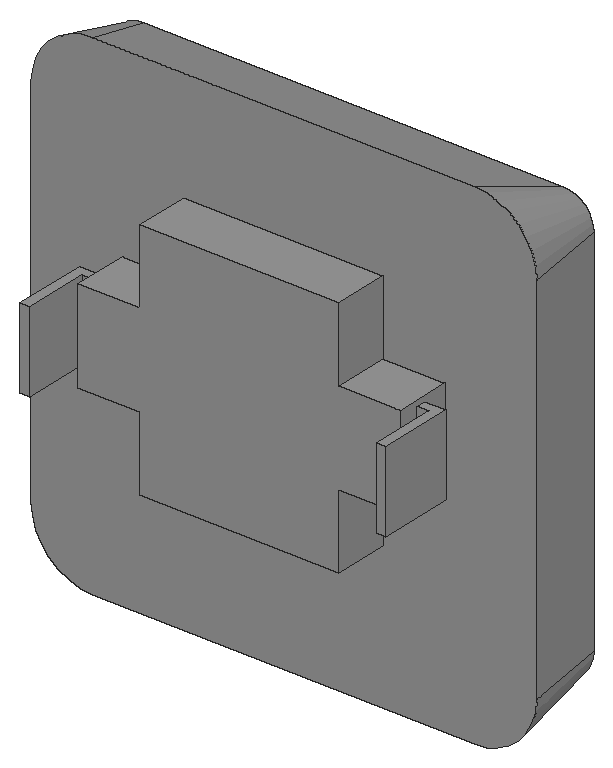
Revit family "IEK_Выключатель_Встраиваемый_10А трехклавишный IP20_ВЕГА", category Выключатели, Revit 2019
Family settings
  Сохранять ориентацию аннотаций = Да
  Размер круглого соединителя = Использовать диаметр
  Тип детали = Нормальный
  На основе рабочей плоскости = Нет
  Всегда вертикально = Да
  При загрузке вырезать с полостями = Нет
  Общий = Нет
  Точка расчета площади = Нет
Parameters (values of type "ВС10-3-0-ВБ")
  Ширина = 81.5 mm  # constant formula
  Тип монтажа = "Скрытый монтаж (в штукатурку)"  # constant formula
  Степень защиты = "IP20"  # constant formula
  Изготовитель = "IEK"  # constant formula
  Дата изменения = ""
  Глубина = 36.3 mm  # constant formula
  Высота = 81 mm  # constant formula
  ΔХ [instance] = 2000 mm
  ΔY [instance] = 2000 mm
  KSI_CPr_Строительные изделия = "20.4.01"  # constant formula
  KSI_CMa_Строительные материалы = "01.7.14.03"  # constant formula
  IEK_Цена за единицу = 141.22
  IEK_Поиск в таблице имен = ""
  IEK_Описание = "Серия «ВЕГА» включает в себя розетки и выключатели для скрытого монтажа, которые хорошо впишутся в любой интерьер квартир, загородных домов, офисных и производственных помещений."
  IEK_URL = "https://www.iek.ru/products/catalog/izdeliya_elektroustanovochnye_udliniteli_i_silovye_razemy/elektroustanovochnye_izdeliya/elektroustanovochnye_izdeliya_skrytogo_montazha/elektroustanovochnye_izdeliya_vega/vyklyuchatel_3_klavishnyy_vs10_3_0_vb_10a_vega_belyy_iek"
  ADSK_Ток [instance] = 10 A  # constant formula
  ADSK_Примечание = ""
  ADSK_Полная мощность [instance] = ADSK_Номинальная мощность / ADSK_Коэффициент мощности  # 2200 VA
  ADSK_Позиция [instance] = ""
  ADSK_Номинальная мощность [instance] = ADSK_Ток * ADSK_Напряжение * sqrt(ADSK_Количество фаз числовое) * ADSK_Коэффициент мощности  # 2200 W
  ADSK_Напряжение = 220 V
  ADSK_Наименование = "Выключатель 3-клавишный ВС10-3-0-ВБ 10А ВЕГА белый IEK"
  ADSK_Материал обозначение = ""
  ADSK_Материал наименование = "Пластик"  # constant formula
  ADSK_Материал = Цвет белый
  ADSK_Масса = 0.056
  ADSK_Марка = "ВЕГА"  # constant formula
  ADSK_Коэффициент мощности [instance] = 1  # constant formula
  ADSK_Количество фаз числовое = 1
  ADSK_Количество фаз = 1
  ADSK_Код изделия = "EVV30-K01-10-DM"
  ADSK_Классификация нагрузок [instance] = Прочее
  ADSK_Завод-изготовитель = "IEK"  # constant formula
  ADSK_Единица измерения = "шт"  # constant formula
  ADSK_Группирование = "III ЭЛЕКТРОУСТАНОВОЧНЫЕ И ЭЛЕКТРОМОНТАЖНЫЕ ИЗДЕЛИЯ"  # constant formula
  ADSK_Версия семейства = "1.0"  # constant formula
  ADSK_Версия Revit = "2019"  # constant formula
  ADSK_URL страницы изделия = "https://www.iek.ru/products/catalog/izdeliya_elektroustanovochnye_udliniteli_i_silovye_razemy/elektroustanovochnye_izdeliya/elektroustanovochnye_izdeliya_skrytogo_montazha/elektroustanovochnye_izdeliya_vega/?pagec=10"
Reference planes
  plane 1 "По центру (Вперед/Назад)": y = 0
  plane 2: z = 0
  plane 3 "По центру (Влево/Вправо)": x = 0
  plane 4 "Высота ножек": z = 280
  plane 5 "Высота": z = 2081.496
  plane 6: x = -2000
  plane 7: y = 2000
Forms (mm)
  Extrusion 1, solid, detail levels coarse
    sketch origin (0, 0, 0) x (1, 0, 0) y (0, 1, 0)
      loop
        line (-40.75, -16.3) -> (40.75, -16.3) -> (40.75, 20) -> (-40.75, 20) -> (-40.75, -16.3)
    from 0 to 81
  Extrusion 2, solid, detail levels medium
    sketch origin (0, 0, 0) x (1, 0, 0) y (0, 1, 0)
      loop
        line (-40.75, 20) -> (-40.75, -16.3) -> (40.75, -16.3) -> (40.75, 20) -> (-40.75, 20)
    from 0 to 81
  Extrusion 3, void
    sketch origin (0, 0, 40.25) x (1, 0, 0) y (0, 0, -1)
      loop
        line (-29, -25) -> (29, -25) -> (29, 25) -> (-29, 25) -> (-29, -25)
    from 1 to 14.038
  Extrusion 4, solid, material "Цвет белый" <- "ADSK_Материал", detail levels fine
    sketch origin (0, 0, 40.25) x (1, 0, 0) y (0, 0, -1)
      loop
        line (16, -22.25) -> (16, -10.25) -> (26, -10.25) -> (26, 4.75) -> (16, 4.75) -> (16, 16.75) -> (-16, 16.75) -> (-16, 4.75) -> (-26, 4.75) -> (-26, -10.25) -> (-16, -10.25) -> (-16, -22.25) -> (16, -22.25)
    from -8.954 to 0
  Extrusion 5, solid, material "Цвет белый" <- "ADSK_Материал", detail levels fine
    sketch origin (0, 0, 39.887) x (0, 0, 1) y (0, 1, 0)
      loop
        line (-24.209, 5) -> (24.863, 5) -> (24.863, 12.066)
        arc (24.863, 12.066) -> (3.045, 18.975) -> (-19.835, 19.47) r 80.547
        arc (-19.835, 19.47) -> (-22.524, 15.523) -> (-24.209, 11.055) r 20.163
        line (-24.209, 11.055) -> (-24.209, 5)
    from -28.5 to -9.533
  Blend 6, solid, material "Цвет белый" <- "ADSK_Материал", detail levels fine
    base sketch origin (0, 0, 40.25) x (1, 0, 0) y (0, 0, -1)
      loop
        arc (40.75, 30.25) -> (37.821, 37.321) -> (30.75, 40.25) r 10
        line (30.75, 40.25) -> (-30.75, 40.25)
        arc (-30.75, 40.25) -> (-37.821, 37.321) -> (-40.75, 30.25) r 10
        line (-40.75, 30.25) -> (-40.75, -30.25)
        arc (-40.75, -30.25) -> (-37.821, -37.321) -> (-30.75, -40.25) r 10
        line (-30.75, -40.25) -> (30.75, -40.25)
        arc (30.75, -40.25) -> (37.821, -37.321) -> (40.75, -30.25) r 10
        line (40.75, -30.25) -> (40.75, 30.25)
    top sketch origin (0, 0, 40.25) x (1, 0, 0) y (0, 0, -1)
      loop
        arc (-38.75, -30.25) -> (-37.286, -33.786) -> (-33.75, -35.25) r 5
        line (-33.75, -35.25) -> (33.75, -35.25)
        arc (33.75, -35.25) -> (37.286, -33.786) -> (38.75, -30.25) r 5
        line (38.75, -30.25) -> (38.75, 30.25)
        arc (38.75, 30.25) -> (37.286, 33.786) -> (33.75, 35.25) r 5
        line (33.75, 35.25) -> (-33.75, 35.25)
        arc (-33.75, 35.25) -> (-37.286, 33.786) -> (-38.75, 30.25) r 5
        line (-38.75, 30.25) -> (-38.75, -30.25)
    from 0 to 14
  Extrusion 7, solid, material "Цвет белый" <- "ADSK_Материал", detail levels fine
    sketch origin (-19.335, 0, 39.887) x (0, 0, 1) y (0, 1, 0)
      loop
        line (-24.209, 5) -> (24.863, 5) -> (24.863, 12.066)
        arc (24.863, 12.066) -> (3.045, 18.975) -> (-19.835, 19.47) r 80.547
        arc (-19.835, 19.47) -> (-22.524, 15.523) -> (-24.209, 11.055) r 20.163
        line (-24.209, 11.055) -> (-24.209, 5)
    from -28.5 to -10.17
  Extrusion 8, solid, material "Цвет белый" <- "ADSK_Материал", detail levels fine
    sketch origin (0, 0, 39.887) x (0, 0, 1) y (0, -1, 0)
      loop
        line (-24.209, -5) -> (-24.209, -11.055)
        arc (-24.209, -11.055) -> (-22.524, -15.523) -> (-19.835, -19.47) r 20.163
        arc (-19.835, -19.47) -> (3.045, -18.975) -> (24.863, -12.066) r 80.547
        line (24.863, -12.066) -> (24.863, -5) -> (-24.209, -5)
    from -28.5 to -9.533
  Extrusion 9, solid, material "Стекло", detail levels fine
    sketch origin (14, 0, 40.25) x (0, 0, 1) y (0, 1, 0)
      loop
        arc (-14.81, 20.096) -> (-15.411, 20.061) -> (-16.012, 20.022) r 80.547
        line (-16.012, 20.022) -> (-16.012, 18.482)
        arc (-16.012, 18.482) -> (-15.411, 18.521) -> (-14.81, 18.556) r 80.547
        line (-14.81, 18.556) -> (-14.81, 20.096)
    from 9 to 19
  Extrusion 10, solid, material "Стекло", detail levels fine
    sketch origin (5, 0, 40.25) x (0, 0, 1) y (0, -1, 0)
      loop
        line (-14.81, -20.096) -> (-14.81, -18.556)
        arc (-14.81, -18.556) -> (-15.411, -18.521) -> (-16.012, -18.482) r 80.547
        line (-16.012, -18.482) -> (-16.012, -20.022)
        arc (-16.012, -20.022) -> (-15.411, -20.061) -> (-14.81, -20.096) r 80.547
    from 9 to 19
  Extrusion 11, solid, material "Стекло", detail levels fine
    sketch origin (-5, 0, 40.25) x (0, 0, 1) y (0, 1, 0)
      loop
        arc (-14.81, 20.096) -> (-15.411, 20.061) -> (-16.012, 20.022) r 80.547
        line (-16.012, 20.022) -> (-16.012, 18.482)
        arc (-16.012, 18.482) -> (-15.411, 18.521) -> (-14.81, 18.556) r 80.547
        line (-14.81, 18.556) -> (-14.81, 20.096)
    from 9 to 19
  Extrusion 12, solid, material "Цвет белый" <- "ADSK_Материал", detail levels fine
    sketch origin (0, -484.452, 42.527) x (1, 0, 0) y (0, 1, 0)
      loop
        line (26, 480.152) -> (26, 478.652) -> (27.993, 478.652) -> (27.993, 468.152) -> (29.498, 468.152) -> (29.498, 480.152) -> (26, 480.152)
      loop
        line (-26, 480.152) -> (-29.498, 480.152) -> (-29.498, 468.152) -> (-27.993, 468.152) -> (-27.993, 478.652) -> (-26, 478.652) -> (-26, 480.152)
    from -5.817 to 7.183
Cuts and joins
  Extrusion 3 cuts Blend 6
Lines and regions (mm)
  reference lines
    curve 1: line (0, 44.647, 0) -> (0, -55.353, 0)
    curve 2: line (-23.829, 0, 0) -> (76.171, 0, 0)
Dimensions and locks
  locked: plane 4 "Высота ножек" to plane 2 at 280
  plane 5 "Высота" to plane 4 "Высота ножек" = 1801.496 mm
  "ΔХ": plane 6 to curve 1
  "ΔY": plane 7 to curve 2
  aligned and locked: level to plane 2
  aligned and locked: curve 2 to nested 1
  aligned and locked: nested 1 to curve 1
Automatic sketch dimensions
  Extrusion 1 sketch curve to plane 1 "По центру (Вперед/Назад)" = 20 mm
  Extrusion 1 sketch curve to plane 3 "По центру (Влево/Вправо)" = 40.75 mm
  plane 3 "По центру (Влево/Вправо)" to Extrusion 1 sketch curve = 40.75 mm
  plane 1 "По центру (Вперед/Назад)" to Extrusion 1 sketch curve = 16.3 mm
  Extrusion 2 sketch curve to plane 3 "По центру (Влево/Вправо)" = 40.75 mm
  plane 3 "По центру (Влево/Вправо)" to Extrusion 2 sketch curve = 40.75 mm
  plane 1 "По центру (Вперед/Назад)" to Extrusion 2 sketch curve = 16.3 mm
  Extrusion 2 sketch curve to plane 1 "По центру (Вперед/Назад)" = 20 mm
  Extrusion 3 sketch curve to plane 3 "По центру (Влево/Вправо)" = 29 mm
  plane 3 "По центру (Влево/Вправо)" to Extrusion 3 sketch curve = 29 mm
  level to Extrusion 3 sketch curve = 65.25 mm
  level to Extrusion 3 sketch curve = 15.25 mm
  Extrusion 4 sketch curve to plane 3 "По центру (Влево/Вправо)" = 26 mm
  Extrusion 4 sketch curve to Extrusion 4 sketch curve = 10 mm  (x3)
  plane 3 "По центру (Влево/Вправо)" to Extrusion 4 sketch curve = 16 mm
  Extrusion 4 sketch curve to Extrusion 4 sketch curve = 0 mm
  level to Extrusion 4 sketch curve = 62.5 mm
  Extrusion 4 sketch curve to Extrusion 4 sketch curve = 12 mm  (x3)
  Extrusion 4 sketch curve to Extrusion 4 sketch curve = 15 mm  (x2)
  level to Extrusion 5 sketch curve = 15.678 mm
  level to Extrusion 5 sketch curve = 29.77 mm
  Extrusion 5 sketch curve to plane 1 "По центру (Вперед/Назад)" = 6.224 mm
  Extrusion 5 sketch curve to Extrusion 5 sketch curve = 19.576 mm
  Extrusion 5 sketch curve to plane 1 "По центру (Вперед/Назад)" = 5 mm
  Extrusion 5 sketch curve to Extrusion 5 sketch curve = 29.496 mm
  plane 1 "По центру (Вперед/Назад)" to Extrusion 5 sketch curve = 60.489 mm
  Extrusion 5 sketch curve to Extrusion 5 sketch curve = 6.055 mm
  Extrusion 5 sketch curve to Extrusion 5 sketch curve = 7.066 mm
  Blend 6 sketch curve to level = 0 mm
  level to Blend 6 sketch curve = 10 mm
  Blend 6 sketch curve to plane 3 "По центру (Влево/Вправо)" = 40.75 mm
  Blend 6 sketch curve to Blend 6 sketch curve = 10 mm  (x2)
  plane 3 "По центру (Влево/Вправо)" to Blend 6 sketch curve = 30.75 mm  (x2)
  Blend 6 sketch curve to Blend 6 sketch curve = 60.5 mm  (x2)
  Blend 6 sketch curve to plane 3 "По центру (Влево/Вправо)" = 38.75 mm
  Blend 6 sketch curve to Blend 6 sketch curve = 5 mm  (x3)
  level to Blend 6 sketch curve = 5 mm
  plane 3 "По центру (Влево/Вправо)" to Blend 6 sketch curve = 33.75 mm  (x2)
  level to Extrusion 7 sketch curve = 15.678 mm
  level to Extrusion 7 sketch curve = 29.77 mm
  Extrusion 7 sketch curve to plane 1 "По центру (Вперед/Назад)" = 6.224 mm
  Extrusion 7 sketch curve to Extrusion 7 sketch curve = 19.576 mm
  Extrusion 7 sketch curve to plane 1 "По центру (Вперед/Назад)" = 5 mm
  Extrusion 7 sketch curve to Extrusion 7 sketch curve = 29.496 mm
  plane 1 "По центру (Вперед/Назад)" to Extrusion 7 sketch curve = 60.489 mm
  Extrusion 7 sketch curve to Extrusion 7 sketch curve = 6.055 mm
  Extrusion 7 sketch curve to Extrusion 7 sketch curve = 7.066 mm
  level to Extrusion 8 sketch curve = 15.678 mm
  level to Extrusion 8 sketch curve = 29.77 mm
  Extrusion 8 sketch curve to plane 1 "По центру (Вперед/Назад)" = 6.224 mm
  Extrusion 8 sketch curve to Extrusion 8 sketch curve = 19.576 mm
  Extrusion 8 sketch curve to plane 1 "По центру (Вперед/Назад)" = 5 mm
  Extrusion 8 sketch curve to Extrusion 8 sketch curve = 29.496 mm
  Extrusion 8 sketch curve to Extrusion 8 sketch curve = 6.055 mm
  Extrusion 8 sketch curve to Extrusion 8 sketch curve = 7.066 mm
  plane 1 "По центру (Вперед/Назад)" to Extrusion 8 sketch curve = 60.489 mm
  level to Extrusion 9 sketch curve = 24.238 mm
  Extrusion 9 sketch curve to Extrusion 9 sketch curve = 1.202 mm
  level to Extrusion 9 sketch curve = 29.77 mm
  Extrusion 9 sketch curve to Extrusion 9 sketch curve = 0.066 mm
  plane 1 "По центру (Вперед/Назад)" to Extrusion 9 sketch curve = 61.875 mm
  Extrusion 9 sketch curve to Extrusion 9 sketch curve = 1.544 mm
  Extrusion 9 sketch curve to plane 1 "По центру (Вперед/Назад)" = 18.482 mm
  Extrusion 9 sketch curve to Extrusion 9 sketch curve = 1.539 mm
  level to Extrusion 10 sketch curve = 24.238 mm
  Extrusion 10 sketch curve to Extrusion 10 sketch curve = 1.202 mm
  level to Extrusion 10 sketch curve = 29.77 mm
  Extrusion 10 sketch curve to Extrusion 10 sketch curve = 0.066 mm
  Extrusion 10 sketch curve to plane 1 "По центру (Вперед/Назад)" = 20.096 mm
  Extrusion 10 sketch curve to Extrusion 10 sketch curve = 0.075 mm
  Extrusion 10 sketch curve to Extrusion 10 sketch curve = 1.54 mm
  Extrusion 10 sketch curve to Extrusion 10 sketch curve = 0.074 mm
  level to Extrusion 11 sketch curve = 24.238 mm
  Extrusion 11 sketch curve to Extrusion 11 sketch curve = 1.202 mm
  level to Extrusion 11 sketch curve = 29.77 mm
  Extrusion 11 sketch curve to Extrusion 11 sketch curve = 0.066 mm
  plane 1 "По центру (Вперед/Назад)" to Extrusion 11 sketch curve = 61.875 mm
  Extrusion 11 sketch curve to Extrusion 11 sketch curve = 1.544 mm
  Extrusion 11 sketch curve to plane 1 "По центру (Вперед/Назад)" = 18.482 mm
  Extrusion 11 sketch curve to Extrusion 11 sketch curve = 1.539 mm
  plane 1 "По центру (Вперед/Назад)" to Extrusion 12 sketch curve = 4.3 mm  (x2)
  Extrusion 12 sketch curve to plane 3 "По центру (Влево/Вправо)" = 29.498 mm
  Extrusion 12 sketch curve to Extrusion 12 sketch curve = 1.504 mm  (x2)
  Extrusion 12 sketch curve to Extrusion 12 sketch curve = 1.993 mm  (x2)
  plane 3 "По центру (Влево/Вправо)" to Extrusion 12 sketch curve = 26 mm
  Extrusion 12 sketch curve to Extrusion 12 sketch curve = 1.5 mm  (x2)
  Extrusion 12 sketch curve to Extrusion 12 sketch curve = 10.5 mm  (x2)
  curve 2 to plane 3 "По центру (Влево/Вправо)" = 23.829 mm
  plane 3 "По центру (Влево/Вправо)" to curve 2 = 76.171 mm
  plane 1 "По центру (Вперед/Назад)" to curve 1 = 55.353 mm
  curve 1 to plane 1 "По центру (Вперед/Назад)" = 44.647 mm
Nested families
  nested 1: "УГО Выключателя" at (0, 0, 0), type "3K-C", detail levels coarse+medium
    with IP44 no
Connectors
  electrical at (0, 1.85, 0), driven by "ADSK_Количество фаз", driven by "ADSK_Классификация нагрузок", driven by "ADSK_Напряжение", driven by "ADSK_Полная мощность", driven by "ADSK_Коэффициент мощности"
    settings: on Extrusion 1, index 1, voltage 220 V, apparent load 0 VA, apparent load phase1 2200 VA, apparent load phase2 0 VA, apparent load phase3 0 VA, power factor 1, load classification "Прочее", number of poles 1, system type 31, power factor state 1, is connector primary yes, connector utility no, sub classification motor no, connector description ""
Definition of nested family "УГО Выключателя"
  Parameters (values of type "3K-O")
    IP44 [instance] = no
    3K-C = no
    2K-C = no
    1K-C = no
    3K-O = yes
    2K-O = no
    1K-O = no
  Types (6, lengths in mm): name | 3K-C | 2K-C | 1K-C | 3K-O | 1K-O
    2K-O | no | no | no | yes | no
    3K-O | no | no | no | yes | no
    2K-C | no | yes | no | no | no
    1K-O | no | no | no | no | yes
    1K-C | no | no | yes | no | no
    3K-C | yes | no | no | no | no
  Reference planes
    plane 1: y = 0
    plane 2: x = 0
  Lines and regions (mm)
    Filled region 1, type "Цветовая область 1", visible <- "IP44"
      outline origin (0, 0, 0) x (1, 0, 0) y (0, 1, 0)
        loop
          circle (0.006, 0.994) r 0.994
    Filled region 2, type "Цветовая область 1", visible <- "IP44", not visible
      outline origin (0, 0, 0) x (1, 0, 0) y (0, 1, 0)
        loop
          circle (0, 2.214) r 0.994
    Filled region 3, type "Цветовая область 1", visible <- "IP44"
      outline origin (-1.562, 0, 0) x (1, 0, 0) y (0, 1, 0)
        loop
          circle (1.569, 0.994) r 0.994
    Filled region 4, type "Цветовая область 1", visible <- "1K-O"
      outline origin (0, 6.25, 0) x (1, 0, 0) y (0, 1, 0)
        loop
          circle (0.006, -5.256) r 0.994
    Filled region 5, type "Цветовая область 1", visible <- "IP44"
      outline origin (-1.562, 0, 0) x (1, 0, 0) y (0, 1, 0)
        loop
          circle (1.569, 0.994) r 0.994
    Filled region 6, type "Цветовая область 1", visible <- "IP44"
      outline origin (0, 0, 0) x (1, 0, 0) y (0, 1, 0)
        loop
          circle (0.006, 0.994) r 0.994
    Filled region 7, type "Цветовая область 1", visible <- "IP44", not visible
      outline origin (-1.562, 0, 0) x (1, 0, 0) y (0, 1, 0)
        loop
          circle (11.009, 9.276) r 0.994
    Filled region 8, type "Цветовая область 1", visible <- "1K-O", not visible
      outline origin (0, 6.25, 0) x (1, 0, 0) y (0, 1, 0)
        loop
          circle (15.194, 9.276) r 0.994
    Filled region 9, type "Цветовая область 1", visible <- "IP44", not visible
      outline origin (-1.562, 0, 0) x (1, 0, 0) y (0, 1, 0)
        loop
          circle (23.521, 9.279) r 0.994
    Filled region 10, type "Цветовая область 1", visible <- "IP44", not visible
      outline origin (0, 0, 0) x (1, 0, 0) y (0, 1, 0)
        loop
          circle (28.604, 9.279) r 0.994
    Filled region 11, type "Цветовая область 1", visible <- "IP44", not visible
      outline origin (0, 0, 0) x (1, 0, 0) y (0, 1, 0)
        loop
          circle (32.789, 9.279) r 0.994
    Filled region 12, type "Цветовая область 1", visible <- "IP44"
      outline origin (0, 0, 0) x (1, 0, 0) y (0, 1, 0)
        loop
          circle (0.006, 0.994) r 0.994
    detail lines, visible <- "3K-O"
      curve 1: line (0.867, 1.49, 0) -> (3.037, 2.744, 0)
      curve 2: line (0.645, 1.755, 0) -> (2.256, 3.675, 0)
      curve 3: line (0.33, 1.933, 0) -> (1.146, 4.303, 0)
      curve 7: circle (0.006, 0.994, 0) r 0.994 normal (0, 0, 1)
      curve 16: line (3.037, 2.744, 0) -> (3.437, 2.051, 0)
      curve 17: line (2.256, 3.675, 0) -> (2.869, 3.161, 0)
      curve 18: line (1.146, 4.303, 0) -> (1.902, 4.042, 0)
    detail lines, visible <- "2K-O"
      curve 4: line (0.756, 1.645, 0) -> (2.648, 3.29, 0)
      curve 5: line (0.488, 1.863, 0) -> (1.703, 4.055, 0)
      curve 8: circle (0.006, 0.994, 0) r 0.994 normal (0, 0, 1)
      curve 19: line (2.648, 3.29, 0) -> (3.173, 2.686, 0)
      curve 20: line (1.703, 4.055, 0) -> (2.403, 3.667, 0)
    detail lines, visible <- "1K-O"
      curve 6: line (0.576, 1.808, 0) -> (2.014, 3.861, 0)
      curve 9: circle (0.006, 0.994, 0) r 0.994 normal (0, 0, 1)
      curve 21: line (2.014, 3.861, 0) -> (2.669, 3.402, 0)
    detail lines, visible <- "3K-C"
      curve 10: line (0.867, 1.49, 0) -> (3.037, 2.744, 0)
      curve 11: line (0.645, 1.755, 0) -> (2.256, 3.675, 0)
      curve 12: line (0.33, 1.933, 0) -> (1.146, 4.303, 0)
      curve 14: circle (0.006, 0.994, 0) r 0.994 normal (0, 0, 1)
      curve 23: line (2.812, 3.133, 0) -> (3.262, 2.354, 0)
      curve 24: line (1.911, 3.964, 0) -> (2.601, 3.386, 0)
      curve 25: line (0.72, 4.449, 0) -> (1.571, 4.156, 0)
    detail lines, visible <- "1K-C"
      curve 13: line (0.576, 1.808, 0) -> (2.014, 3.861, 0)
      curve 15: circle (0.006, 0.994, 0) r 0.994 normal (0, 0, 1)
      curve 22: line (1.645, 4.119, 0) -> (2.383, 3.603, 0)
    detail lines, visible <- "3K-O", not visible
      curve 26: line (0.86, 2.711, 0) -> (3.031, 3.964, 0)
      curve 27: line (0.639, 2.975, 0) -> (2.25, 4.895, 0)
      curve 28: line (0.323, 3.154, 0) -> (1.139, 5.524, 0)
      curve 29: circle (0, 2.214, 0) r 0.994 normal (0, 0, 1)
      curve 30: line (3.031, 3.964, 0) -> (3.431, 3.272, 0)
      curve 31: line (2.25, 4.895, 0) -> (2.863, 4.381, 0)
      curve 32: line (1.139, 5.524, 0) -> (1.896, 5.263, 0)
    detail lines, visible <- "2K-O", not visible
      curve 33: line (10.196, 9.928, 0) -> (12.088, 11.572, 0)
      curve 34: line (9.928, 10.145, 0) -> (11.143, 12.337, 0)
      curve 35: circle (9.446, 9.276, 0) r 0.994 normal (0, 0, 1)
      curve 36: line (12.088, 11.572, 0) -> (12.613, 10.968, 0)
      curve 37: line (11.143, 12.337, 0) -> (11.843, 11.949, 0)
    detail lines, visible <- "1K-O", not visible
      curve 38: line (15.764, 16.34, 0) -> (17.201, 18.393, 0)
      curve 39: circle (15.194, 15.526, 0) r 0.994 normal (0, 0, 1)
      curve 40: line (17.201, 18.393, 0) -> (17.857, 17.934, 0)
    detail lines, visible <- "3K-C", not visible
      curve 41: line (22.819, 9.775, 0) -> (24.99, 11.029, 0)
      curve 42: line (22.597, 10.04, 0) -> (24.208, 11.96, 0)
      curve 43: line (22.282, 10.218, 0) -> (23.098, 12.588, 0)
      curve 44: circle (21.958, 9.279, 0) r 0.994 normal (0, 0, 1)
      curve 45: line (24.765, 11.418, 0) -> (25.215, 10.639, 0)
      curve 46: line (23.863, 12.249, 0) -> (24.553, 11.67, 0)
      curve 47: line (22.672, 12.734, 0) -> (23.523, 12.441, 0)
    detail lines, visible <- "2K-C", not visible
      curve 48: line (29.354, 9.93, 0) -> (31.246, 11.575, 0)
      curve 49: line (29.086, 10.148, 0) -> (30.301, 12.34, 0)
      curve 50: circle (28.604, 9.279, 0) r 0.994 normal (0, 0, 1)
      curve 51: line (30.951, 11.914, 0) -> (31.541, 11.235, 0)
      curve 52: line (29.908, 12.558, 0) -> (30.695, 12.122, 0)
    detail lines, visible <- "1K-C", not visible
      curve 53: line (33.359, 10.092, 0) -> (34.797, 12.146, 0)
      curve 54: circle (32.789, 9.279, 0) r 0.994 normal (0, 0, 1)
      curve 55: line (34.428, 12.404, 0) -> (35.165, 11.887, 0)
    detail lines, visible <- "2K-C"
      curve 56: line (0.756, 1.645, 0) -> (2.648, 3.29, 0)
      curve 57: line (0.488, 1.863, 0) -> (1.703, 4.055, 0)
      curve 58: circle (0.006, 0.994, 0) r 0.994 normal (0, 0, 1)
      curve 59: line (2.353, 3.629, 0) -> (2.943, 2.95, 0)
      curve 60: line (1.31, 4.273, 0) -> (2.097, 3.837, 0)
    detail lines
      curve 61: line (0.006, 0, 0) -> (0.006, 2.454, 0)
      curve 62: line (0.006, 0, 0) -> (2.217, 0, 0)
